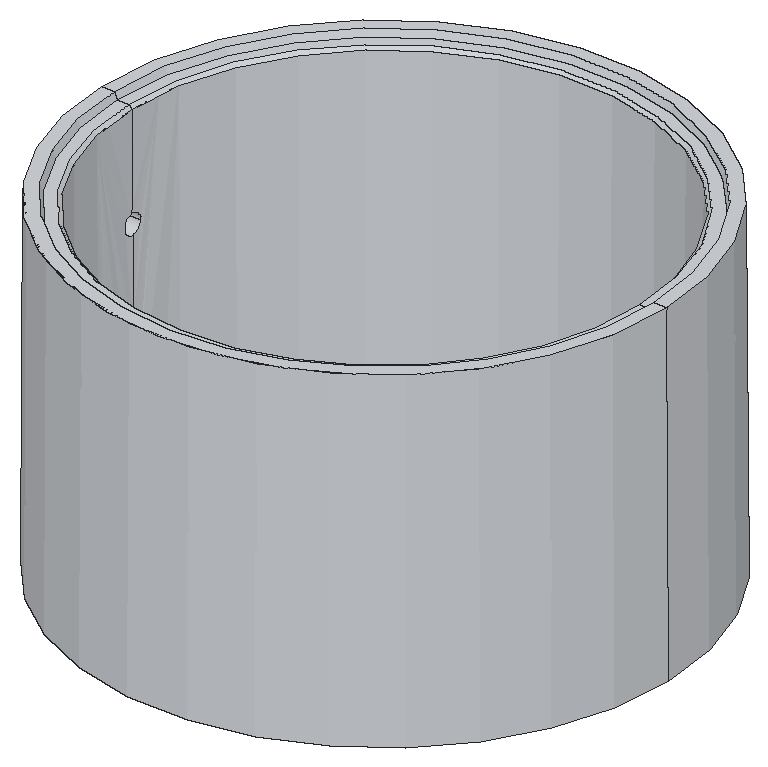
Revit family "Кольцо 1500х1010 с замком КС 15.10", category Обобщенные модели, Revit 2023
Family settings
  Может служить основой для арматурных стержней = Нет
  Размер круглого соединителя = Использовать диаметр
  Тип детали = Нормальный
  На основе рабочей плоскости = Нет
  Всегда вертикально = Да
  При загрузке вырезать с полостями = Нет
  Сохранять ориентацию аннотаций = Нет
  Общий = Нет
  Точка принадлежности помещению = Нет
Parameters (values of type "Кольцо 1500х1010 с замком КС 15.10")
  фаска = 10 mm
  толщ_на_h2_расч = (t1 - t2) / 2 * (h1 + h2) / ADSK_Размер_Высота + 10 mm  # 13.342 mm
  толщ_на_h1_расч = (t1 - t2) / 2 * h1 / ADSK_Размер_Высота + 10 mm  # 11.832 mm
  сужение_низ = 5 mm
  отступ_низ = 36 mm
  отступ_верх = 38.5 mm
  выступ = 20 mm
  вырез2 = yes
  вырез1 = yes
  Отметка по умолчанию = 0 mm
  t2 = 90 mm
  t1 = 100 mm
  h2 = 305 mm
  h1 = 370 mm
  d1 = 20 mm * tan(20.00°)  # 7.279 mm
  ADSK_Размер_Диаметр = 1500 mm
  ADSK_Размер_Высота = 1010 mm
  ADSK_Масса = 1154
Reference planes
  plane 1 "По центру (Вперед/Назад)": y = 0
  plane 2: z = 0
  plane 3 "По центру (Влево/Вправо)": x = 0
  plane 4: x = 750
  plane 5: x = -750
  plane 6: y = 750
  plane 7: y = -750
  plane 8: z = 990
  plane 9: z = 1010
  plane 10: z = 20
  plane 11: x = -845
  plane 12: x = 845
  plane 13: y = 845
  plane 14: y = -845
  plane 15: y = 840
  plane 16: y = -840
  plane 17: x = -840
  plane 18: x = 840
  plane 19: x = 786
  plane 20: x = 801.5
  plane 21: x = 794.221
  plane 22: x = 793.279
  plane 23: z = 980
  plane 24: x = 760
  plane 25: z = 370
  plane 26: z = 675
  plane 27: y = 745
  plane 28: y = -745
  plane 29: x = -745
  plane 30: x = 745
  plane 31: x = -831.658
  plane 32: x = -833.168
  plane 33: x = 831.658
  plane 34: x = 833.168
Forms (mm)
  Revolve 1, solid
    sketch origin (0, 0, 0) x (1, 0, 0) y (0, 0, 1)
      loop
        line (750, 980) -> (745, 0) -> (786, 0) -> (793.279, 20) -> (845, 20) -> (840, 1010) -> (801.5, 1010) -> (794.221, 990) -> (760, 990) -> (750, 980)
      axis (0, 0) -> (0, 1010)
    angle from 0 to 360
  Extrusion 2, void
    sketch origin (0, 0, 0) x (0, -1, 0) y (0, 0, 1)
      loop
        circle (0, 675) r 30
    from -831.658 to 831.658
  Extrusion 3, void
    sketch origin (0, 0, 0) x (0, -1, 0) y (0, 0, 1)
      loop
        circle (0, 370) r 30
    from -833.168 to 833.168
Cuts and joins
  Extrusion 2, Extrusion 3 cuts Revolve 1
Dimensions and locks
  equal spacing: plane 5, plane 3 "По центру (Влево/Вправо)", plane 4
  equal spacing: plane 7, plane 1 "По центру (Вперед/Назад)", plane 6
  "ADSK_Размер_Диаметр": plane 5 to plane 4
  "ADSK_Размер_Диаметр": plane 7 to plane 6
  "выступ": plane 9 to plane 8
  "выступ": plane 10 to level
  "t1": plane 11 to plane 29
  "t1": plane 30 to plane 12
  "t2": plane 6 to plane 15
  "t2": plane 16 to plane 7
  "t2": plane 17 to plane 5
  "t2": plane 4 to plane 18
  "отступ_низ": plane 19 to plane 4
  "отступ_верх": plane 18 to plane 20
  "d1": plane 20 to plane 21
  "d1": plane 22 to plane 19
  "фаска": plane 8 to plane 23
  "фаска": plane 24 to plane 4
  "h1": plane 25 to level
  "h2": plane 26 to plane 25
  "ADSK_Размер_Высота": plane 9 to level
  "сужение_низ": plane 5 to plane 29
  "сужение_низ": plane 30 to plane 4
  "сужение_низ": plane 27 to plane 6
  "сужение_низ": plane 7 to plane 28
  "t1": plane 14 to plane 28
  "t1": plane 27 to plane 13
  "толщ_на_h2_расч": plane 31 to plane 11
  "толщ_на_h1_расч": plane 32 to plane 11
  "толщ_на_h2_расч": plane 12 to plane 33
  "толщ_на_h1_расч": plane 12 to plane 34
  aligned and locked: level to plane 2
  aligned and locked: Revolve 1 sketch curve to plane 8
  aligned and locked: Revolve 1 sketch curve to plane 9
  aligned and locked: plane 10 to Revolve 1 sketch curve
  aligned and locked: Revolve 1 sketch curve to level
  aligned and locked: Extrusion 2 to plane 31
  aligned and locked: Extrusion 3 to plane 32
  aligned and locked: plane 33 to Extrusion 2
  aligned and locked: plane 34 to Extrusion 3
Automatic sketch dimensions
  Revolve 1 sketch curve to level = 0 mm
  Revolve 1 sketch curve to plane 3 "По центру (Влево/Вправо)" = 0 mm
  Revolve 1 sketch curve to plane 30 = 0 mm
  Revolve 1 sketch curve to plane 4 = 0 mm
  Revolve 1 sketch curve to plane 24 = 0 mm
  Revolve 1 sketch curve to plane 19 = 0 mm
  Revolve 1 sketch curve to plane 22 = 0 mm
  Revolve 1 sketch curve to plane 21 = 0 mm
  Revolve 1 sketch curve to plane 20 = 0 mm
  Revolve 1 sketch curve to plane 18 = 0 mm
  Revolve 1 sketch curve to plane 12 = 0 mm
  Revolve 1 sketch curve to plane 23 = 0 mm
  Revolve 1 sketch curve to plane 9 = 0 mm
  Extrusion 2 sketch curve to plane 1 "По центру (Вперед/Назад)" = 0 mm
  Extrusion 2 sketch curve to plane 26 = 0 mm
  Extrusion 3 sketch curve to plane 1 "По центру (Вперед/Назад)" = 0 mm
  Extrusion 3 sketch curve to plane 25 = 0 mm
  radius of Extrusion 2 sketch curve = 30 mm
  radius of Extrusion 3 sketch curve = 30 mm
